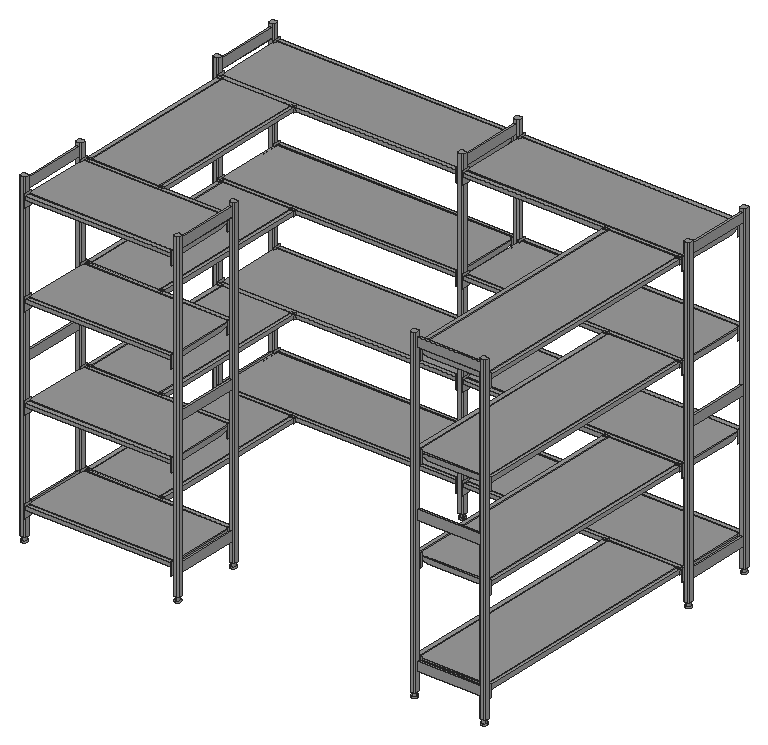
Revit family "QF_ELECTROLUXPROFESSIONAL_137101_CRS2416", category Attrezzature speciali, Revit 2020 (continued)
Definition of nested family "QF_1152G"
  Definition of nested family "WT_Aggancio373B"
    Reference planes
      plane 11: z = 590
      plane 12: z = 1040
      plane 13: z = 1490
      plane 14: y = 5.5
      plane 15 "CYBack": y = 5.5
      plane 16 "CYFront": y = -332.5
    Forms (mm)
      Extrusion 1, solid
        sketch origin (-380, -0.022, 0) x (0, 1, 0) y (0, 0, 1)
          loop
            line (-12, 1497.998) -> (4, 1497.998) -> (4, 1515.994) -> (2.007, 1515.994) -> (2.007, 1509.496) -> (-329, 1509.496) -> (-329, 1515.994) -> (-331, 1515.994) -> (-331, 1497.998) -> (-315, 1497.998) -> (-281, 1485.994) -> (-46, 1485.994) -> (-12, 1497.998)
          loop
            line (-12, 1047.998) -> (4, 1047.998) -> (4, 1065.994) -> (2.007, 1065.994) -> (2.007, 1059.496) -> (-329, 1059.496) -> (-329, 1065.994) -> (-331, 1065.994) -> (-331, 1047.998) -> (-315, 1047.998) -> (-281, 1035.994) -> (-46, 1035.994) -> (-12, 1047.998)
          loop
            line (-12, 597.998) -> (4, 597.998) -> (4, 615.994) -> (2.007, 615.994) -> (2.007, 609.496) -> (-329, 609.496) -> (-329, 615.994) -> (-331, 615.994) -> (-331, 597.998) -> (-315, 597.998) -> (-281, 585.994) -> (-46, 585.994) -> (-12, 597.998)
          loop
            line (-12, 147.998) -> (4, 147.998) -> (4, 165.994) -> (2.007, 165.994) -> (2.007, 159.496) -> (-329, 159.496) -> (-329, 165.994) -> (-331, 165.994) -> (-331, 147.998) -> (-315, 147.998) -> (-281, 135.994) -> (-46, 135.994) -> (-12, 147.998)
        from -32 to -37
      Extrusion 2, solid
        sketch origin (-793.062, -324.754, 6.5) x (1, 0, 0) y (0, 0, 1)
          loop
            line (385.062, 1509.496) -> (385.062, 1512.496) -> (376.062, 1512.496) -> (376.062, 1485.994) -> (390.031, 1485.994) -> (390.031, 1491.496) -> (381.062, 1491.496) -> (381.062, 1509.496) -> (385.062, 1509.496)
          loop
            line (385.062, 1059.496) -> (385.062, 1062.496) -> (376.062, 1062.496) -> (376.062, 1035.994) -> (390.031, 1035.994) -> (390.031, 1041.496) -> (381.062, 1041.496) -> (381.062, 1059.496) -> (385.062, 1059.496)
          loop
            line (385.062, 609.496) -> (385.062, 612.496) -> (376.062, 612.496) -> (376.062, 585.994) -> (390.031, 585.994) -> (390.031, 591.496) -> (381.062, 591.496) -> (381.062, 609.496) -> (385.062, 609.496)
          loop
            line (385.062, 159.496) -> (385.062, 162.496) -> (376.062, 162.496) -> (376.062, 135.994) -> (390.031, 135.994) -> (390.031, 141.496) -> (381.062, 141.496) -> (381.062, 159.496) -> (385.062, 159.496)
        from 6.268 to 25.246
      Extrusion 3, solid
        sketch origin (-793.062, 32.754, 6.5) x (1, 0, 0) y (0, 0, 1)
          loop
            line (385.062, 1509.496) -> (385.062, 1512.496) -> (376.062, 1512.496) -> (376.062, 1485.994) -> (390.031, 1485.994) -> (390.031, 1491.496) -> (381.062, 1491.496) -> (381.062, 1509.496) -> (385.062, 1509.496)
          loop
            line (385.062, 1059.496) -> (385.062, 1062.496) -> (376.062, 1062.496) -> (376.062, 1035.994) -> (390.031, 1035.994) -> (390.031, 1041.496) -> (381.062, 1041.496) -> (381.062, 1059.496) -> (385.062, 1059.496)
          loop
            line (385.062, 609.496) -> (385.062, 612.496) -> (376.062, 612.496) -> (376.062, 585.994) -> (390.031, 585.994) -> (390.031, 591.496) -> (381.062, 591.496) -> (381.062, 609.496) -> (385.062, 609.496)
          loop
            line (385.062, 159.496) -> (385.062, 162.496) -> (376.062, 162.496) -> (376.062, 135.994) -> (390.031, 135.994) -> (390.031, 141.496) -> (381.062, 141.496) -> (381.062, 159.496) -> (385.062, 159.496)
        from 9.754 to 28.776
    Lines and regions (mm)
      symbolic lines
        curve 1: line (-412, -350, 0) -> (-408, -350, 0)
        curve 2: line (-412, -331.022, 0) -> (-412, -350, 0)
        curve 3: line (-408, -331.022, 0) -> (-412, -331.022, 0)
        curve 4: line (-408, -350, 0) -> (-408, -331.022, 0)
        curve 5: line (-412, 3.978, 0) -> (-408, 3.978, 0)
        curve 6: line (-412, 23, 0) -> (-412, 3.978, 0)
        curve 7: line (-408, 23, 0) -> (-412, 23, 0)
        curve 8: line (-408, 3.978, 0) -> (-408, 23, 0)
    Dimensions and locks
      "Height": plane 5 "TOP" to level
      "Depth": plane 3 "BACK" to plane 4 "FRONT"
      "Dint": plane 7 to plane 8
      equal spacing: plane 7, plane 6 "Center (Front/Back)", plane 8
      equal spacing: plane 3 "BACK", plane 6 "Center (Front/Back)", plane 4 "FRONT"
      plane 9 "FEET" to level = 25 mm
      plane 10 to plane 9 "FEET" = 115 mm
      locked: plane 11 to plane 10 at 450
      locked: plane 12 to plane 11 at 450
      locked: plane 13 to plane 12 at 450
      locked: plane 3 "BACK" to plane 15 "CYBack" at 17.5
      locked: plane 16 "CYFront" to plane 4 "FRONT" at 17.5
      aligned and locked: level to plane 1
      aligned and locked: Extrusion 1 sketch curve to Extrusion 1 sketch curve  (x3)
    Automatic sketch dimensions
      plane 16 "CYFront" to Extrusion 1 sketch curve = 1.478 mm  (x4)
      Extrusion 1 sketch curve to Extrusion 1 sketch curve = 2 mm
      plane 8 to Extrusion 1 sketch curve = 3.478 mm  (x4)
      Extrusion 1 sketch curve to plane 10 = 4.006 mm
      Extrusion 1 sketch curve to Extrusion 1 sketch curve = 34 mm  (x4)
      Extrusion 1 sketch curve to plane 11 = 4.006 mm
      Extrusion 1 sketch curve to plane 12 = 4.006 mm
      Extrusion 1 sketch curve to plane 13 = 4.006 mm
      Extrusion 1 sketch curve to plane 7 = 37.522 mm  (x4)
      Extrusion 1 sketch curve to plane 7 = 3.522 mm  (x4)
      plane 14 to Extrusion 1 sketch curve = 3.516 mm  (x4)
      plane 14 to Extrusion 1 sketch curve = 1.522 mm  (x4)
      plane 10 to Extrusion 1 sketch curve = 7.998 mm  (x2)
      Extrusion 1 sketch curve to Extrusion 1 sketch curve = 11.498 mm  (x4)
      Extrusion 1 sketch curve to Extrusion 1 sketch curve = 6.499 mm  (x8)
      plane 11 to Extrusion 1 sketch curve = 7.998 mm  (x2)
      plane 12 to Extrusion 1 sketch curve = 7.998 mm  (x2)
      plane 13 to Extrusion 1 sketch curve = 7.998 mm  (x2)
      plane 2 "LEFT" to Extrusion 2 sketch curve = 0 mm  (x4)
      plane 13 to Extrusion 2 sketch curve = 7.996 mm
      plane 11 to Extrusion 2 sketch curve = 7.996 mm
      Extrusion 2 sketch curve to Extrusion 2 sketch curve = 5 mm  (x4)
      plane 11 to Extrusion 2 sketch curve = 2.494 mm
      plane 10 to Extrusion 2 sketch curve = 28.996 mm
      Extrusion 2 sketch curve to Extrusion 2 sketch curve = 3 mm  (x4)
      plane 10 to Extrusion 2 sketch curve = 7.996 mm
      plane 10 to Extrusion 2 sketch curve = 2.494 mm
      Extrusion 2 sketch curve to Extrusion 2 sketch curve = 18 mm  (x3)
      plane 12 to Extrusion 2 sketch curve = 2.494 mm
      plane 12 to Extrusion 2 sketch curve = 7.996 mm
      plane 13 to Extrusion 2 sketch curve = 2.494 mm
      plane 2 "LEFT" to Extrusion 3 sketch curve = 0 mm  (x4)
      plane 13 to Extrusion 3 sketch curve = 7.996 mm
      plane 11 to Extrusion 3 sketch curve = 7.996 mm
      Extrusion 3 sketch curve to Extrusion 3 sketch curve = 5 mm  (x4)
      plane 11 to Extrusion 3 sketch curve = 2.494 mm
      plane 10 to Extrusion 3 sketch curve = 28.996 mm
      Extrusion 3 sketch curve to Extrusion 3 sketch curve = 3 mm  (x4)
      plane 10 to Extrusion 3 sketch curve = 7.996 mm
      plane 10 to Extrusion 3 sketch curve = 2.494 mm
      Extrusion 3 sketch curve to Extrusion 3 sketch curve = 18 mm  (x3)
      plane 12 to Extrusion 3 sketch curve = 2.494 mm
      plane 12 to Extrusion 3 sketch curve = 7.996 mm
      plane 13 to Extrusion 3 sketch curve = 2.494 mm
      plane 2 "LEFT" to curve 1 = 5 mm
      plane 2 "LEFT" to curve 7 = 5 mm
      curve 1 to plane 16 "CYFront" = 17.5 mm
      curve 3 to plane 8 = 12.522 mm
      plane 7 to curve 5 = 12.478 mm
      curve 7 to plane 14 = 17.5 mm
      curve 5 to curve 5 = 4 mm
      curve 1 to curve 4 = 4 mm
      Extrusion 2 sketch curve to Extrusion 2 sketch curve = 4 mm  (x4)
      Extrusion 2 sketch curve to Extrusion 2 sketch curve = 8.969 mm  (x4)
      Extrusion 3 sketch curve to Extrusion 3 sketch curve = 4 mm  (x4)
      Extrusion 3 sketch curve to Extrusion 3 sketch curve = 8.969 mm  (x4)
